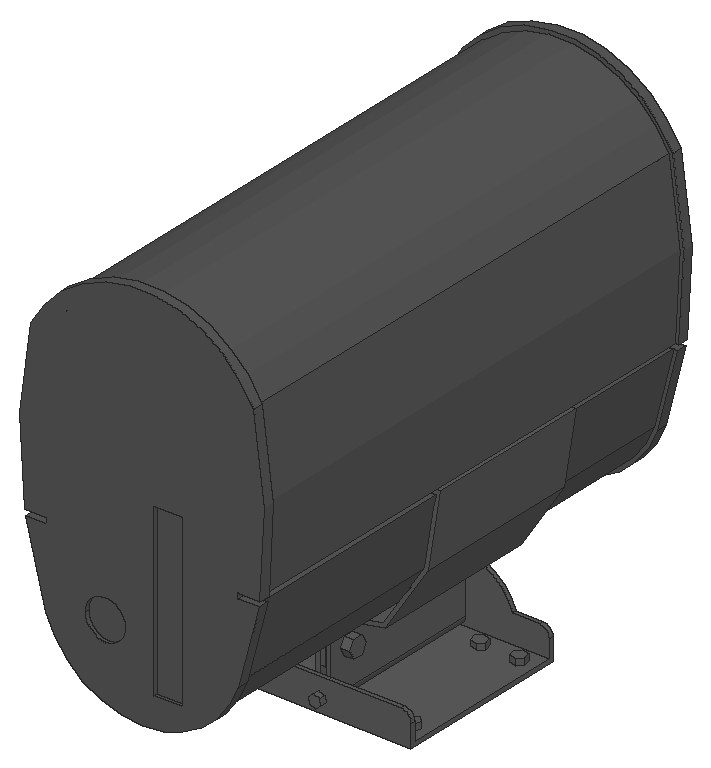
Revit family "Electronics_Desono_Biamp_Compact-Column-Point-Source-Loudspeaker_ENT203", category Communication Devices, host Face, Revit 2020
Family settings
  Host = Face
  Maintain Annotation Orientation = No
  Round Connector Dimension = Use Diameter
  Part Type = Normal
  OmniClass Number = 23.85.10.11.14.14.14
  Cut with Voids When Loaded = No
  Shared = No
  Room Calculation Point = No
Parameters (values of type "ENT203 B")
  Width = 0' - 4.64567"  # constant formula
  Weight = 9.00 lbf  # constant formula
  URL = "https://www.biamp.com/"
  Transducers = "LF  3 x 80mm long excursion mylar driver;HF  1 x 3-element Compact Ribbon Emulator"  # constant formula
  Tilt angle [instance] = 0.00°
  Shipping Weight = 12.00 lbf  # constant formula
  Rotate angle [instance] = 0.00°
  Required Accessories = "External High Pass Filter - 150 Hz, 24 dB /octave Digital Signal Processor"  # constant formula
  Recommended Amplifers = "Passive - 75 W - 150 W @ 16 Ω (35 V - 49 V)"  # constant formula
  Product data url = "https://www.bimobject.com/biamp/product/ent203_desono-column-point-source"
  Product Page URL = "https://www.biamp.com/products/product-families/desono/point-source-loudspeakers#ent203"
  Product Documentation Link = "https://downloads.biamp.com/assets/docs/default-source/data-sheets/biamp_data_sheet_desono_ent203.pdf"
  Operating Range = "150 Hz to 22 kHz"  # constant formula
  Operating Mode = "Passive"  # constant formula
  Operating Environment = "Indoor or outdoor"  # constant formula
  Nominal Sensitivity = "Passive: 1W - 92dB; 2.83V - 89dB"  # constant formula
  Nominal Maximum SPL (Whole Space) = "Passive: Peak - 117dB; Continuous - 111dB"  # constant formula
  Nominal Beamwidth  (H x V) = "140° x  40°"  # constant formula
  Nom SA [instance] = if(or(Tilt angle < 0.00°, Tilt angle = 0.00°), 0.00°, if(and(Tilt angle > 0.00°, Tilt angle < 14.00°), Tilt angle, if(or(Tilt angle > 14.00°, Tilt angle = 14.00°), 14.00°, 0.00°)))  # 0.00°
  Nom RA [instance] = if(or(Rotate angle < -55.00°, Rotate angle = -55.00°), 55.00°, if(and(Rotate angle > -55.00°, Rotate angle < 55.00°), Rotate angle, if(or(Rotate angle > 55.00°, Rotate angle = 55.00°), 55.00°, 0.00°)))  # 0.00°
  Mounting Points = "Small pan-tilt mounting bracket included (14° down-tilt, ± 55° panning)"  # constant formula
  Model = "ENT203 B"
  Manufacturer = "Biamp"  # constant formula
  Input Connection = "NL4-type connector for low impedance operation, and 8-position terminal strip for low impedance or constant voltage operation"  # constant formula
  Included Accessories = "Mounting bracket; Input wiring cover; Spacers; Hanging kit"  # constant formula
  Housing Material = Biamp - Plastic - Black
  Height_2 = 0' - 10.35433"  # constant formula
  Grill Material = Biamp - Plastic - Black(Grid)
  Equalized Sensitivity = "Sustem: 1W - 91dB; 2.83V - 88dB"  # constant formula
  Equalized Maximum SPL = "System: Peak - 116dB; Continuous - 110dB"  # constant formula
  Environmental = "IP54 per IEC 60529, designed in accordance with MIL-STD-810G Included ABS plastic rain cover with integrated cable inlet and 1 (25.4mm) knockout for conduit ingress"  # constant formula
  Description = "Desono™ ENT203 Two-Way, Compact Column Point Source Loudspeaker"  # constant formula
  Depth = 0' - 7.48031"  # constant formula
  Default Elevation = 4' - 0"
  Continuous Power Handling Nominal Impedance = "Passive; 35V; 75W @ 16Ω (300W peak)"  # constant formula
  Connector Description = "Terminal strip; Low impedance 16 ohms, 70/100V operation"  # constant formula
  Bracket Material = Biamp - Metal - Black
  Autoformer = "70 V - 30 W,15 W,7.5 W,3.75 W,1.88 W;100 V - 30 W,15 W,7.5 W,3.75 W"  # constant formula
Types (3): name | Model | Housing Material | Grill Material | Bracket Material
  (no name) | "ENT203 B" | Biamp - Plastic - Black | Biamp - Plastic - Black(Grid) | Biamp - Metal - Black
  ENT203 W | "ENT203 W" | Biamp - Plastic - White | Biamp - Plastic - White(Grid) | Biamp - Metal - White
  ENT203 B | "ENT203 B" | Biamp - Plastic - Black | Biamp - Plastic - Black(Grid) | Biamp - Metal - Black
Reference planes (in)
  plane 1 "Center (Front/Back)": y = 0
  plane 2: z = 0
  plane 3 "Center (Left/Right)": x = 0
  plane 4: z = 0.31496
Dimensions and locks (in)
  aligned and locked: plane 2 to host face
  aligned and locked: level to host face
Nested families (in)
  nested 1: "Tilt Bracket" at (0, 0, 0), Rotate angle <- "Nom RA", Slope angle <- "Nom SA", Housing Material <- "Bracket Material", type "Tilt Bracket"
    with Slope angle 0.00°, Rotate angle 0.00°, Housing Material Biamp - Metal - Black, 2D yes
  nested 2: "ENT203" at (0, 4.33071, 5.43033) x (-1, 0, 0) z (0, -1, 0), Grill <- "Grill Material", Housing Material <- "Housing Material", type "ENT203"
    with Housing Material Biamp - Plastic - Black, Grill Biamp - Plastic - Black(Grid)
Connectors (in)
  electrical at (-0.71337, -5.94648, 3.25247)
    settings: on nested 2, index 5, voltage 0 V, apparent load 0 VA, apparent load phase1 0 VA, apparent load phase2 0 VA, apparent load phase3 0 VA, power factor 1, load classification "Other", number of poles 1, system type 5, power factor state 1, is connector primary yes, connector utility no, sub classification motor no, connector description "NL4 connector; Low impedance 16 ohms"
  electrical at (0.4939, -5.94648, 3.9107), driven by "Connector Description"
    settings: on nested 2, index 6, voltage 0 V, apparent load 0 VA, apparent load phase1 0 VA, apparent load phase2 0 VA, apparent load phase3 0 VA, power factor 1, load classification "Other", number of poles 1, system type 5, power factor state 1, is connector primary no, connector utility no, sub classification motor no, connector description "Terminal strip; Low impedance 16 ohms, 70/100V operation"
Definition of nested family "Tilt Bracket"
  Parameters (values of type "Tilt Bracket")
    Width = 0' - 0"
    Weight = 0.00 lbf
    URL = "https://www.biamp.com/"
    Slope angle [instance] = 0.00°
    Rotate angle [instance] = 0.00°
    Product data url = ""
    Product Page URL = ""
    Product Documentation Link = ""
    Model = "ENT203 W"
    Manufacturer = "Biamp"
    Housing Material [instance] = none
    Height = 0' - 0"
    Height_2 = 0' - 0"
    Description = "Electronics_Desono_Biamp_Compact-Column-Point-Source-Loudspeaker_ENT203"
    Depth = 0' - 0"
    Default Elevation = 4' - 0"
    Connector Description = "Terminal strip, 70/100V operation"
    2D [instance] = yes
  Reference planes (in)
    plane 1 "Center (Front/Back)": y = 0
    plane 2: z = 0
    plane 3 "Center (Left/Right)": x = 0
    plane 4: z = 0.31496
  Forms (in)
    Extrusion 1, solid
      sketch origin (0, 0, 0) x (1, 0, 0) y (0, 1, 0)
        loop
          line (-48, 48) -> (-48, -48) -> (48, -48) -> (48, 48) -> (-48, 48)
      from 0 to -12
    Extrusion 2, solid, material <- "Housing Material"
      sketch origin (0, 0, 0) x (1, 0, 0) y (0, 0, 1)
        loop
          line (-1.77165, 0) -> (1.77165, 0) -> (1.77165, 0.43307)
          arc (1.77165, 0.43307) -> (1.714, 0.57227) -> (1.5748, 0.62992) r 0.19685
          line (1.5748, 0.62992) -> (1.06299, 0.62992)
          arc (1.06299, 0.62992) -> (0, 1.37795) -> (-1.06299, 0.62992) r 1.1293
          line (-1.06299, 0.62992) -> (-1.5748, 0.62992)
          arc (-1.5748, 0.62992) -> (-1.714, 0.57227) -> (-1.77165, 0.43307) r 0.19685
          line (-1.77165, 0.43307) -> (-1.77165, 0)
      from -1.71654 to 1.71654
    Extrusion 3, void
      sketch origin (0, 0, 0) x (0, 1, 0) y (0, 0, 1)
        loop
          line (1.6378, 1.85039) -> (-1.6378, 1.85039) -> (-1.6378, 0.07874) -> (1.6378, 0.07874) -> (1.6378, 1.85039)
      from -3.00698 to 2.93513
    Extrusion 4, void
      sketch origin (0, 0, 0) x (0, 1, 0) y (0, 0, 1)
        loop
          line (1.6378, 1.85039) -> (-2.29921, 1.85039) -> (-2.29921, 0.62992) -> (1.6378, 0.62992) -> (1.6378, 1.85039)
      from -3.00698 to 2.93513
    Extrusion 5, solid, material <- "Housing Material"
      sketch origin (0, 0, 0.31496) x (0, 0, 1) y (-1, 0, 0)
        loop
          line (1.05533, 0.14607) -> (-0.07041, 0.14607)
          arc (-0.07041, 0.14607) -> (-0.21647, 0) -> (-0.07041, -0.14607) r 0.14607
          line (-0.07041, -0.14607) -> (1.05533, -0.14607)
          arc (1.05533, -0.14607) -> (1.15376, -0.24449) -> (1.25218, -0.14607) r 0.09843
          line (1.25218, -0.14607) -> (1.25218, -0.05906) -> (0.14445, -0.05906) -> (0.14445, 0.05906) -> (1.25218, 0.05906) -> (1.25218, 0.14607)
          arc (1.25218, 0.14607) -> (1.15376, 0.24449) -> (1.05533, 0.14607) r 0.09843
      from -1.62598 to 1.62598
    Extrusion 6, solid, material <- "Housing Material"
      sketch origin (0, 0, 0.31496) x (0, 0, 1) y (-1, 0, 0)
        loop
          line (1.15376, 0.24449) -> (-0.02734, 0.24449)
          arc (-0.02734, 0.24449) -> (-0.27183, 0) -> (-0.02734, -0.24449) r 0.24449
          line (-0.02734, -0.24449) -> (1.15376, -0.24449)
          arc (1.15376, -0.24449) -> (1.22336, -0.21566) -> (1.25218, -0.14607) r 0.09843
          line (1.25218, -0.14607) -> (1.25218, 0.14607)
          arc (1.25218, 0.14607) -> (1.22336, 0.21566) -> (1.15376, 0.24449) r 0.09843
      from -1.75591 to -1.71654
    Extrusion 7, solid, material <- "Housing Material", detail levels medium+fine
      sketch origin (0, 0, 0) x (1, 0, 0) y (0, 1, 0)
        loop
          line (-1.41187, 1.44934) -> (-1.55491, 1.41101) -> (-1.59323, 1.26798) -> (-1.48852, 1.16327) -> (-1.34549, 1.20159) -> (-1.30716, 1.34463) -> (-1.41187, 1.44934)
        loop
          line (-0.65662, 1.44934) -> (-0.79966, 1.41101) -> (-0.83799, 1.26798) -> (-0.73328, 1.16327) -> (-0.59024, 1.20159) -> (-0.55191, 1.34463) -> (-0.65662, 1.44934)
        loop
          line (1.41187, 1.44934) -> (1.30716, 1.34463) -> (1.34549, 1.20159) -> (1.48852, 1.16327) -> (1.59323, 1.26798) -> (1.55491, 1.41101) -> (1.41187, 1.44934)
        loop
          line (0.65662, 1.44934) -> (0.55191, 1.34463) -> (0.59024, 1.20159) -> (0.73328, 1.16327) -> (0.83799, 1.26798) -> (0.79966, 1.41101) -> (0.65662, 1.44934)
        loop
          line (-1.41187, -1.44934) -> (-1.30716, -1.34463) -> (-1.34549, -1.20159) -> (-1.48852, -1.16327) -> (-1.59323, -1.26798) -> (-1.55491, -1.41101) -> (-1.41187, -1.44934)
        loop
          line (-0.65662, -1.44934) -> (-0.55191, -1.34463) -> (-0.59024, -1.20159) -> (-0.73328, -1.16327) -> (-0.83799, -1.26798) -> (-0.79966, -1.41101) -> (-0.65662, -1.44934)
        loop
          line (1.41187, -1.44934) -> (1.55491, -1.41101) -> (1.59323, -1.26798) -> (1.48852, -1.16327) -> (1.34549, -1.20159) -> (1.30716, -1.34463) -> (1.41187, -1.44934)
        loop
          line (0.65662, -1.44934) -> (0.79966, -1.41101) -> (0.83799, -1.26798) -> (0.73328, -1.16327) -> (0.59024, -1.20159) -> (0.55191, -1.34463) -> (0.65662, -1.44934)
      from 0.07874 to 0.19685
    Extrusion 8, solid, material <- "Housing Material", detail levels medium+fine
      sketch origin (-0.14607, 0, 1.37029) x (0, 0, -1) y (0, -1, 0)
        loop
          line (0.15695, 1.3213) -> (0.15695, 1.12445) -> (0.32743, 1.02603) -> (0.49791, 1.12445) -> (0.49791, 1.3213) -> (0.32743, 1.41973) -> (0.15695, 1.3213)
      from 0 to 0.19685
    Extrusion 9, solid, material <- "Housing Material", detail levels medium+fine
      sketch origin (-0.14607, 0, 1.37029) x (0, 0, -1) y (0, -1, 0)
        loop
          line (0.15695, 1.3213) -> (0.15695, 1.12445) -> (0.32743, 1.02603) -> (0.49791, 1.12445) -> (0.49791, 1.3213) -> (0.32743, 1.41973) -> (0.15695, 1.3213)
      from -0.48819 to -0.29213
    Extrusion 10, solid, material <- "Housing Material", detail levels medium+fine
      sketch origin (0, 1.75591, 0.31496) x (0, 0, -1) y (-1, 0, 0)
        loop
          circle (-1.15376, -0.15463) r 0.07784
        loop
          circle (-1.15376, 0.15463) r 0.07784
      from 0 to 0.11811
    Extrusion 11, solid, material <- "Housing Material", detail levels medium+fine
      sketch origin (0, 1.75591, 0.31496) x (0, 0, -1) y (-1, 0, 0)
        loop
          line (-0.0514, 0.02148) -> (-0.0091, -0.09475) -> (0.11271, -0.11623) -> (0.19221, -0.02148) -> (0.14991, 0.09475) -> (0.0281, 0.11623) -> (-0.0514, 0.02148)
      from 0 to 0.11811
    Extrusion 12, solid, material <- "Housing Material", detail levels medium+fine
      sketch origin (0, -1.71654, 0.31496) x (0, 0, -1) y (1, 0, 0)
        loop
          line (-0.0514, -0.02148) -> (0.0281, -0.11623) -> (0.14991, -0.09475) -> (0.19221, 0.02148) -> (0.11271, 0.11623) -> (-0.0091, 0.09475) -> (-0.0514, -0.02148)
      from 0 to 0.11811
  Cuts and joins
    Extrusion 3, Extrusion 4 cuts Extrusion 2
  Lines and regions (in)
    Masking region 1
      outline origin (0, 0, 0) x (1, 0, 0) y (0, 1, 0)
        loop
          line (-1.77165, 1.71654) -> (-1.77165, -1.71654) -> (1.77165, -1.71654) -> (1.77165, 1.71654) -> (-1.77165, 1.71654)
    Masking region 2
      outline origin (0, 0, 0) x (1, 0, 0) y (0, 0, 1)
        loop
          line (-1.77165, 0.43307) -> (-1.77165, 0) -> (1.77165, 0) -> (1.77165, 0.43307)
          arc (1.77165, 0.43307) -> (1.714, 0.57227) -> (1.5748, 0.62992) r 0.19685
          line (1.5748, 0.62992) -> (-1.5748, 0.62992)
          arc (-1.5748, 0.62992) -> (-1.714, 0.57227) -> (-1.77165, 0.43307) r 0.19685
    Masking region 3
      outline origin (0, 0, 0) x (1, 0, 0) y (0, 0, 1)
        loop
          arc (1.06299, 0.62992) -> (0, 1.37795) -> (-1.06299, 0.62992) r 1.1293
          line (-1.06299, 0.62992) -> (1.06299, 0.62992)
    Masking region 4, visible <- "2D"
      outline origin (0, 0, 0.31496) x (0, 0, 1) y (-1, 0, 0)
        loop
          line (1.05533, 0.14607) -> (-0.07041, 0.14607)
          arc (-0.07041, 0.14607) -> (-0.21647, 0) -> (-0.07041, -0.14607) r 0.14607
          line (-0.07041, -0.14607) -> (1.05533, -0.14607)
          arc (1.05533, -0.14607) -> (1.15376, -0.24449) -> (1.25218, -0.14607) r 0.09843
          line (1.25218, -0.14607) -> (1.25218, -0.05906) -> (0.14445, -0.05906) -> (0.14445, 0.05906) -> (1.25218, 0.05906) -> (1.25218, 0.14607)
          arc (1.25218, 0.14607) -> (1.15376, 0.24449) -> (1.05533, 0.14607) r 0.09843
    reference lines
      curve 1: line (0, 0, 0.31496) -> (0, 0, 2.67717)
      curve 2: line (0, 1.71807, 1.04286) -> (0, -1.23469, 1.04286)
      curve 3: line (0, -1.23469, 1.04286) -> (0, 1.76362, 1.04286)
  Dimensions and locks (in)
    "Rotate angle": angle curve 1 to plane 3 "Center (Left/Right)"
    "Slope angle": angle curve 3 to curve 2
    aligned and locked: plane 2 to Extrusion 1
    aligned and locked: level to Extrusion 1
    aligned and locked: plane 4 to curve 1
    aligned and locked: plane 3 "Center (Left/Right)" to curve 1
  Automatic sketch dimensions
    Extrusion 1 sketch curve to Extrusion 1 sketch curve = 8' - 0"  (x2)
    Extrusion 2 sketch curve to level = 0' - 0"
    Extrusion 2 sketch curve to plane 3 "Center (Left/Right)" = 0' - 0"
    plane 4 to Extrusion 2 sketch curve = 0' - 0.31496"  (x2)
    Extrusion 2 sketch curve to plane 3 "Center (Left/Right)" = 0' - 1.06299"
    Extrusion 2 sketch curve to Extrusion 2 sketch curve = 0' - 0.51181"  (x2)
    plane 4 to Extrusion 2 sketch curve = 0' - 0.11811"  (x2)
    Extrusion 2 sketch curve to plane 4 = 0' - 0.06631"
    plane 1 "Center (Front/Back)" to Extrusion 3 sketch curve = 0' - 1.6378"
    level to Extrusion 3 sketch curve = 0' - 0.07874"
    Extrusion 3 sketch curve to plane 1 "Center (Front/Back)" = 0' - 1.6378"
    plane 4 to Extrusion 3 sketch curve = 0' - 1.53543"
    plane 1 "Center (Front/Back)" to Extrusion 4 sketch curve = 0' - 2.29921"
    plane 4 to Extrusion 4 sketch curve = 0' - 0.31496"
    Extrusion 4 sketch curve to plane 1 "Center (Front/Back)" = 0' - 1.6378"
    Extrusion 4 sketch curve to Extrusion 4 sketch curve = 0' - 1.22047"
    curve 1 to Extrusion 5 sketch curve = 0' - 0"
    Extrusion 5 sketch curve to curve 1 = 0' - 0.07041"
    Extrusion 5 sketch curve to curve 1 = 0' - 0.05906"
    curve 1 to Extrusion 5 sketch curve = 0' - 0.14445"
    curve 1 to Extrusion 5 sketch curve = 0' - 0.14607"
    Extrusion 5 sketch curve to Extrusion 5 sketch curve = 0' - 0.91089"
    Extrusion 5 sketch curve to Extrusion 5 sketch curve = 0' - 0"
    Extrusion 5 sketch curve to Extrusion 5 sketch curve = 0' - 0.09843"  (x2)
    curve 1 to Extrusion 5 sketch curve = 0' - 0.05906"
    curve 1 to Extrusion 6 sketch curve = 0' - 0"
    Extrusion 6 sketch curve to curve 1 = 0' - 0 7/256"
    Extrusion 6 sketch curve to curve 1 = 0' - 0.14607"
    curve 1 to Extrusion 6 sketch curve = 0' - 1.15376"
    curve 1 to Extrusion 6 sketch curve = 0' - 0.14607"
    Extrusion 6 sketch curve to Extrusion 6 sketch curve = 0' - 0.09843"
    Extrusion 7 sketch curve to plane 3 "Center (Left/Right)" = 0' - 1.59323"  (x2)
    Extrusion 7 sketch curve to Extrusion 7 sketch curve = 0' - 0.03833"  (x32)
    Extrusion 7 sketch curve to Extrusion 7 sketch curve = 0' - 0.10471"  (x16)
    Extrusion 7 sketch curve to Extrusion 7 sketch curve = 0' - 0.14304"  (x32)
    Extrusion 7 sketch curve to Extrusion 7 sketch curve = 0' - 0.46917"  (x4)
    plane 3 "Center (Left/Right)" to Extrusion 7 sketch curve = 0' - 0.55191"  (x2)
    plane 1 "Center (Front/Back)" to Extrusion 7 sketch curve = 0' - 1.44934"  (x2)
    Extrusion 7 sketch curve to Extrusion 7 sketch curve = 0' - 0"  (x4)
    Extrusion 7 sketch curve to plane 1 "Center (Front/Back)" = 0' - 1.16327"  (x2)
    Extrusion 5 to Extrusion 8 sketch curve = 0' - 0.15695"
    Extrusion 8 sketch curve to Extrusion 8 sketch curve = 0' - 0.17048"  (x3)
    Extrusion 5 to Extrusion 8 sketch curve = 0' - 0.59996"
    Extrusion 8 sketch curve to Extrusion 8 sketch curve = 0' - 0.09843"  (x3)
    Extrusion 8 sketch curve to Extrusion 8 sketch curve = 0' - 0.19685"  (x2)
    Extrusion 5 to Extrusion 9 sketch curve = 0' - 0.15695"
    Extrusion 9 sketch curve to Extrusion 9 sketch curve = 0' - 0.17048"  (x3)
    Extrusion 5 to Extrusion 9 sketch curve = 0' - 0.59996"
    Extrusion 9 sketch curve to Extrusion 9 sketch curve = 0' - 0.09843"  (x3)
    Extrusion 9 sketch curve to Extrusion 9 sketch curve = 0' - 0.19685"  (x2)
    Extrusion 10 sketch curve to Extrusion 6 = 0' - 0.09843"  (x2)
    Extrusion 10 sketch curve to Extrusion 6 = 0' - 0 23/256"  (x2)
    Extrusion 11 sketch curve to Extrusion 6 = 0' - 0.22301"  (x2)
    Extrusion 11 sketch curve to Extrusion 6 = 0' - 1.20078"
    Extrusion 11 sketch curve to Extrusion 6 = 0' - 0.14974"  (x2)
    Extrusion 11 sketch curve to Extrusion 11 sketch curve = 0' - 0.0423"  (x2)
    Extrusion 11 sketch curve to Extrusion 6 = 0' - 0.12826"  (x2)
    Extrusion 11 sketch curve to Extrusion 11 sketch curve = 0' - 0.07951"
    Extrusion 11 sketch curve to Extrusion 11 sketch curve = 0' - 0.12181"  (x2)
    Extrusion 12 sketch curve to plane 3 "Center (Left/Right)" = 0' - 0.02148"
    plane 4 to Extrusion 12 sketch curve = 0' - 0.0514"
    plane 4 to Extrusion 12 sketch curve = 0' - 0.0091"
    Extrusion 12 sketch curve to plane 4 = 0' - 0.0281"
    Extrusion 12 sketch curve to plane 4 = 0' - 0.11271"
    Extrusion 12 sketch curve to Extrusion 12 sketch curve = 0' - 0.12181"
    plane 3 "Center (Left/Right)" to Extrusion 12 sketch curve = 0' - 0.02148"
    level to Extrusion 12 sketch curve = 0' - 0.12275"
    Extrusion 12 sketch curve to plane 3 "Center (Left/Right)" = 0' - 0.09475"
    Extrusion 12 sketch curve to plane 3 "Center (Left/Right)" = 0' - 0.11623"
    plane 3 "Center (Left/Right)" to Extrusion 12 sketch curve = 0' - 0.09475"
    plane 3 "Center (Left/Right)" to Extrusion 12 sketch curve = 0' - 0.11623"
    Masking region 1 sketch curve to plane 3 "Center (Left/Right)" = 0' - 1.77165"
    plane 3 "Center (Left/Right)" to Masking region 1 sketch curve = 0' - 1.77165"
    plane 1 "Center (Front/Back)" to Masking region 1 sketch curve = 0' - 1.71654"
    Masking region 1 sketch curve to plane 1 "Center (Front/Back)" = 0' - 1.71654"
    Masking region 2 sketch curve to level = 0' - 0"
    plane 4 to Masking region 2 sketch curve = 0' - 0.11811"  (x2)
    Masking region 2 sketch curve to plane 3 "Center (Left/Right)" = 0' - 1.77165"
    Masking region 2 sketch curve to Masking region 2 sketch curve = 0' - 0.19685"
    plane 3 "Center (Left/Right)" to Masking region 2 sketch curve = 0' - 1.5748"
    Masking region 3 sketch curve to plane 3 "Center (Left/Right)" = 0' - 0"
    Masking region 3 sketch curve to plane 4 = 0' - 0.06631"
    plane 4 to Masking region 3 sketch curve = 0' - 0.31496"
    Masking region 3 sketch curve to plane 3 "Center (Left/Right)" = 0' - 1.06299"
    curve 1 to Masking region 4 sketch curve = 0' - 0"
    Masking region 4 sketch curve to curve 1 = 0' - 0.07041"
    curve 1 to Masking region 4 sketch curve = 0' - 0.05906"
    curve 1 to Masking region 4 sketch curve = 0' - 0.14445"
    curve 1 to Masking region 4 sketch curve = 0' - 0.14607"
    Masking region 4 sketch curve to Masking region 4 sketch curve = 0' - 0.91089"
    Masking region 4 sketch curve to Masking region 4 sketch curve = 0' - 0"
    Masking region 4 sketch curve to Masking region 4 sketch curve = 0' - 0.09843"  (x2)
    Masking region 4 sketch curve to curve 1 = 0' - 0.05906"
    curve 1 to curve 2 = 0' - 0.7279"
    curve 1 to curve 3 = 0' - 1.23469"
    radius of Extrusion 10 sketch curve = 0' - 0.07784"  (x2)
  Nested families (in)
    nested 1: "Family3" at (0, 1.6378, 3.33838) x (1, 0, 0) z (0, -1, 0), Bracket Material <- "Housing Material", type "Family3"
      with Bracket Material none
  Definition of nested family "Family3"
    Parameters (values of type "Family3")
      Height = 0' - 0"
      Default Elevation = 4' - 0"
      Bracket Material [instance] = none
    Reference planes (in)
      plane 1 "Center (Front/Back)": y = 0
      plane 2: z = 0
      plane 3 "Center (Left/Right)": x = 0
    Forms (in)
      Extrusion 1, solid, material <- "Bracket Material"
        sketch origin (0, 0, 0) x (1, 0, 0) y (0, 1, 0)
          loop
            line (-1.98147, -0.15394) -> (-2.19371, 1.18613) -> (-1.85078, 1.18613) -> (-1.85078, 1.28016) -> (-2.28833, 1.28016) -> (-2.05662, -0.18279) -> (-1.22109, -1.4694) -> (-0.04675, -1.70881) -> (-0.04675, -2.55906) -> (0.04675, -2.55906) -> (0.04675, -1.70881) -> (1.22109, -1.4694) -> (2.05662, -0.18279) -> (2.28833, 1.28016) -> (1.85078, 1.28016) -> (1.85078, 1.18613) -> (2.19371, 1.18613) -> (1.98147, -0.15394) -> (1.17302, -1.39884) -> (0, -1.63799) -> (-1.17302, -1.39884) -> (-1.98147, -0.15394)
        from 0 to 3.27559
    Lines and regions (in)
      Masking region 1
        outline origin (0, 0, 0) x (1, 0, 0) y (0, 1, 0)
          loop
            line (-2.28833, 1.28016) -> (-2.05662, -0.18279) -> (-1.22109, -1.4694) -> (-0.04675, -1.70881) -> (-0.04675, -2.55906) -> (0.04675, -2.55906) -> (0.04675, -1.70881) -> (1.22109, -1.4694) -> (2.05662, -0.18279) -> (2.28833, 1.28016) -> (1.85078, 1.28016) -> (1.85078, 1.18613) -> (2.19371, 1.18613) -> (1.98147, -0.15394) -> (1.17302, -1.39884) -> (0, -1.63799) -> (-1.17302, -1.39884) -> (-1.98147, -0.15394) -> (-2.19371, 1.18613) -> (-1.85078, 1.18613) -> (-1.85078, 1.28016) -> (-2.28833, 1.28016)
      Masking region 2
        outline origin (0, 0, 0) x (1, 0, 0) y (0, 0, 1)
          loop
            line (-2.28833, 3.27559) -> (-2.28833, 0) -> (-2.05662, 0) -> (-2.05662, 3.27559) -> (-2.28833, 3.27559)
          loop
            line (2.05662, 3.27559) -> (2.05662, 0) -> (2.28833, 0) -> (2.28833, 3.27559) -> (2.05662, 3.27559)
      Masking region 3
        outline origin (0, 0, 0) x (1, 0, 0) y (0, 0, 1)
          loop
            line (-2.05662, 3.27559) -> (-2.05662, 0) -> (-1.22109, 0) -> (-1.22109, 3.27559) -> (-2.05662, 3.27559)
          loop
            line (1.22109, 3.27559) -> (1.22109, 0) -> (2.05662, 0) -> (2.05662, 3.27559) -> (1.22109, 3.27559)
      Masking region 4
        outline origin (0, 0, 0) x (1, 0, 0) y (0, 0, 1)
          loop
            line (-1.22109, 3.27559) -> (-1.22109, 0) -> (1.22109, 0) -> (1.22109, 3.27559) -> (-1.22109, 3.27559)
      Masking region 5
        outline origin (0, 0, 0) x (1, 0, 0) y (0, 0, 1)
          loop
            line (-0.04675, 3.27559) -> (-0.04675, 0) -> (0.04675, 0) -> (0.04675, 3.27559) -> (-0.04675, 3.27559)
    Dimensions and locks (in)
      aligned and locked: level to plane 2
Definition of nested family "ENT203"
  Parameters (values of type "ENT203")
    Housing Material [instance] = none
    Grill [instance] = none
    Default Elevation = 4' - 0"
  Reference planes (in)
    plane 1 "Center (Front/Back)": y = 0
    plane 2: z = 0
    plane 3 "Center (Left/Right)": x = 0
  Forms (in)
    Extrusion 1, solid, material <- "Housing Material", detail levels coarse
      sketch origin (0, 0, 0) x (1, 0, 0) y (0, 1, 0)
        loop
          arc (-1.80168, 2.41627) -> (-2.29132, 0) -> (-2.08662, -2.45687) r 8.73895
          arc (-2.08662, -2.45687) -> (0, -3.72982) -> (2.08662, -2.45687) r 2.34667
          arc (2.08662, -2.45687) -> (2.29132, 0) -> (1.80168, 2.41627) r 8.73895
          arc (1.80168, 2.41627) -> (0, 3.68805) -> (-1.80168, 2.41627) r 1.91207
      from 0 to 10.35433
    Extrusion 2, solid, material <- "Housing Material", detail levels medium+fine
      sketch origin (0, 0, 0) x (1, 0, 0) y (0, 1, 0)
        loop
          arc (-1.87588, 2.44264) -> (-2.10718, 1.68569) -> (-2.26968, 0.91106) r 8.81769
          line (-2.26968, 0.91106) -> (-1.85078, 0.91106) -> (-1.85078, 0.80552) -> (-2.28626, 0.80552)
          arc (-2.28626, 0.80552) -> (-2.37859, -0.84513) -> (-2.16118, -2.48401) r 8.81769
          arc (-2.16118, -2.48401) -> (0, -3.80856) -> (2.16118, -2.48401) r 2.42541
          arc (2.16118, -2.48401) -> (2.37859, -0.84513) -> (2.28626, 0.80552) r 8.81769
          line (2.28626, 0.80552) -> (1.85078, 0.80552) -> (1.85078, 0.91106) -> (2.26968, 0.91106)
          arc (2.26968, 0.91106) -> (2.10718, 1.68569) -> (1.87588, 2.44264) r 8.81769
          arc (1.87588, 2.44264) -> (0, 3.76679) -> (-1.87588, 2.44264) r 1.99081
      from 0 to 0.19685
    Extrusion 3, solid, material <- "Housing Material", detail levels medium+fine
      sketch origin (0, 0, 0) x (1, 0, 0) y (0, 1, 0)
        loop
          arc (-1.87588, 2.44264) -> (-2.10718, 1.68569) -> (-2.26968, 0.91106) r 8.81769
          line (-2.26968, 0.91106) -> (-1.85078, 0.91106) -> (-1.85078, 0.80552) -> (-2.28626, 0.80552)
          arc (-2.28626, 0.80552) -> (-2.37859, -0.84513) -> (-2.16118, -2.48401) r 8.81769
          arc (-2.16118, -2.48401) -> (0, -3.80856) -> (2.16118, -2.48401) r 2.42541
          arc (2.16118, -2.48401) -> (2.37859, -0.84513) -> (2.28626, 0.80552) r 8.81769
          line (2.28626, 0.80552) -> (1.85078, 0.80552) -> (1.85078, 0.91106) -> (2.26968, 0.91106)
          arc (2.26968, 0.91106) -> (2.10718, 1.68569) -> (1.87588, 2.44264) r 8.81769
          arc (1.87588, 2.44264) -> (0, 3.76679) -> (-1.87588, 2.44264) r 1.99081
      from 10.15748 to 10.35433
    Extrusion 4, solid, material <- "Housing Material", detail levels medium+fine
      sketch origin (0, 0, 0) x (1, 0, 0) y (0, 1, 0)
        loop
          arc (-1.80168, 2.41627) -> (-2.02932, 1.67231) -> (-2.18989, 0.91106) r 8.73895
          line (-2.18989, 0.91106) -> (-1.85078, 0.91106) -> (-1.85078, 0.80552) -> (-2.20662, 0.80552)
          arc (-2.20662, 0.80552) -> (-2.30031, -0.83132) -> (-2.08662, -2.45687) r 8.73895
          line (-2.08662, -2.45687) -> (2.08662, -2.45687)
          arc (2.08662, -2.45687) -> (2.30031, -0.83132) -> (2.20662, 0.80552) r 8.73895
          line (2.20662, 0.80552) -> (1.85078, 0.80552) -> (1.85078, 0.91106) -> (2.18989, 0.91106)
          arc (2.18989, 0.91106) -> (2.02932, 1.67231) -> (1.80168, 2.41627) r 8.73895
          arc (1.80168, 2.41627) -> (0, 3.68805) -> (-1.80168, 2.41627) r 1.91207
      from 0.19685 to 10.15748
    Extrusion 5, solid, material <- "Grill", detail levels medium+fine
      sketch origin (0, 0, 0) x (1, 0, 0) y (0, 1, 0)
        loop
          arc (-2.08662, -2.45687) -> (0, -3.72982) -> (2.08662, -2.45687) r 2.34667
          line (2.08662, -2.45687) -> (1.86249, -2.45687)
          arc (1.86249, -2.45687) -> (0, -3.53297) -> (-1.86249, -2.45687) r 2.14982
          line (-1.86249, -2.45687) -> (-2.08662, -2.45687)
      from 0.19685 to 10.15748
    Extrusion 6, void
      sketch origin (0, 0, 0) x (1, 0, 0) y (0, 1, 0)
        loop
          line (-0.77687, 3.16826) -> (-0.77687, -0.12899) -> (-0.21093, -0.12899) -> (-0.21093, 3.16826) -> (-0.77687, 3.16826)
        loop
          circle (0.71337, 2.17786) r 0.3937
      from 10.27719 to 10.35433
  Cuts and joins
    Extrusion 6 cuts Extrusion 1
    Extrusion 6 cuts Extrusion 2
    Extrusion 6 cuts Extrusion 4
    Extrusion 6 cuts Extrusion 3
  Lines and regions (in)
    Masking region 1
      outline origin (0, 0, 0) x (1, 0, 0) y (0, 1, 0)
        loop
          arc (1.87588, 2.44264) -> (0, 3.76679) -> (-1.87588, 2.44264) r 1.99081
          arc (-1.87588, 2.44264) -> (-2.10718, 1.68569) -> (-2.26968, 0.91106) r 8.81769
          line (-2.26968, 0.91106) -> (-1.85078, 0.91106) -> (-1.85078, 0.80552) -> (-2.28626, 0.80552)
          arc (-2.28626, 0.80552) -> (-2.37859, -0.84513) -> (-2.16118, -2.48401) r 8.81769
          arc (-2.16118, -2.48401) -> (0, -3.80856) -> (2.16118, -2.48401) r 2.42541
          arc (2.16118, -2.48401) -> (2.37859, -0.84513) -> (2.28626, 0.80552) r 8.81769
          line (2.28626, 0.80552) -> (1.85078, 0.80552) -> (1.85078, 0.91106) -> (2.26968, 0.91106)
          arc (2.26968, 0.91106) -> (2.10718, 1.68569) -> (1.87588, 2.44264) r 8.81769
    Masking region 2
      outline origin (0, 0, 0) x (1, 0, 0) y (0, 0, 1)
        loop
          line (-2.38496, 10.35433) -> (-2.38496, 10.15748) -> (2.38496, 10.15748) -> (2.38496, 10.35433) -> (-2.38496, 10.35433)
        loop
          line (-2.38496, 0.19685) -> (-2.38496, 0) -> (2.38496, 0) -> (2.38496, 0.19685) -> (-2.38496, 0.19685)
    Masking region 3
      outline origin (0, 0, 0) x (1, 0, 0) y (0, 0, 1)
        loop
          line (-2.08662, 10.15748) -> (-2.30622, 10.15748) -> (-2.30622, 0.19685) -> (-2.08662, 0.19685) -> (-2.08662, 10.15748)
        loop
          line (2.08662, 10.15748) -> (2.08662, 0.19685) -> (2.30622, 0.19685) -> (2.30622, 10.15748) -> (2.08662, 10.15748)
    Masking region 4
      outline origin (0, 0, 0) x (1, 0, 0) y (0, 0, 1)
        loop
          line (-2.08662, 10.15748) -> (-2.08662, 0.19685) -> (2.08662, 0.19685) -> (2.08662, 10.15748) -> (-2.08662, 10.15748)
  Dimensions and locks (in)
    aligned and locked: level to plane 2
